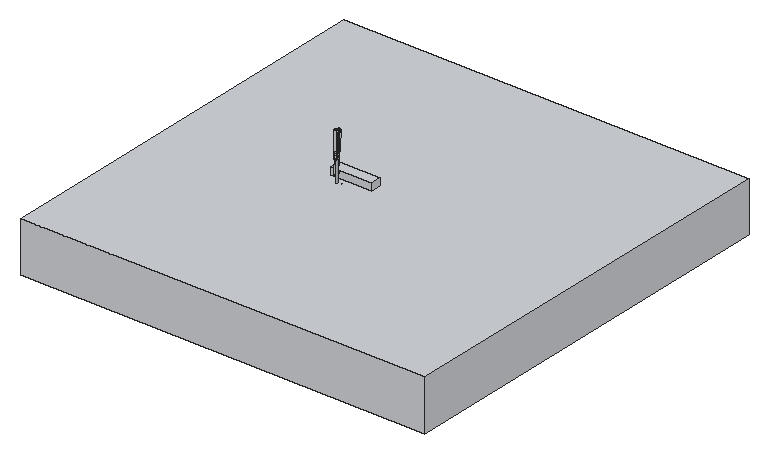
Revit family
Parameters
  Weight = "1.7 kg"  # constant formula
  URL = "http://www.productspec.net/products/2326/dorma/rack-and-pinion-door-closers-ts-83.aspx"
  Technical Specifications = "http://www.dorma.com.au/prod/content/download/31218/351346/version/1/file/TS83%20EN3-6_EN7%20Technical%20brochure%20.pdf/c09e2206016546759594fe95b1563077.pdf"
  Standard Arm Length [instance] = 237.5 mm + Frame Reveal Depth  # 237.5 mm
  Standard Arm = yes
  Parallel Arm = not(Standard Arm)  # no
  Ownership = "Dorma"  # constant formula
  Operator Width = 245 mm  # constant formula
  Operator Height [instance] = 60 mm  # constant formula
  Operator Depth [instance] = 46 mm  # constant formula
  Model = "TS 83"  # constant formula
  Max Door Width = 1250 mm  # constant formula
  Max Door Weight = "150 kg"  # constant formula
  Max Door Offset = "+/-30mm"  # constant formula
  Manufacturer = "Dorma"  # constant formula
  Hold Open [instance] = no
  Frame Reveal Depth [instance] = 0 mm
  Finish [instance] = none
  Default Elevation = 0 mm
  Created By = "Productspec Limited"  # constant formula
  Bracket Offset [instance] = Frame Reveal Depth + 31 mm  # 31 mm
  Author = "Rhys Hall"  # constant formula
Reference planes
  plane 1 "Center (Front/Back)": y = 0
  plane 2: z = 0
  plane 3 "Center (Left/Right)": x = -207.5
  plane 4: y = 5
  plane 5: x = -370
  plane 6: x = -330
  plane 7: x = -85
  plane 8: x = -294
  plane 9: y = 82.5
  plane 10: y = 12.5
  plane 11: y = -24
  plane 12: y = -4
  plane 13: z = 90
  plane 14: z = 33.5
  plane 15: z = -10.75
  plane 16 "Standard Arm": y = -8
  plane 17 "Standard Arm Bracket 01": x = -305.2
  plane 18 "Standad Arm Bracket 02": x = -247.2
  plane 19 "Standard Arm Bracket Depth": z = 5
  plane 20: z = -26.5
  plane 21: z = 26.375
  plane 22: z = 280
  plane 23: x = -276.2
  plane 24: z = 86
Forms (mm)
  Extrusion 1, solid
    sketch origin (0, 0, 0) x (1, 0, 0) y (0, 1, 0)
      loop
        line (-1219.2, 1219.2) -> (-1219.2, -1219.2) -> (1219.2, -1219.2) -> (1219.2, 1219.2) -> (-1219.2, 1219.2)
    from 0 to -304.8
  Extrusion 2, solid, material <- "Finish"
    sketch origin (-207.5, 0, -8.5) x (0, 1, 0) y (0, 0, 1)
      loop
        line (72.5, 13.5) -> (72.5, 61) -> (12.5, 61) -> (12.5, 13.5) -> (72.5, 13.5)
    from -122.5 to 122.5
  Extrusion 3, solid, material <- "Finish"
    sketch origin (0, 0, 0) x (1, 0, 0) y (0, 0, 1)
      loop
        circle (-294, 33.5) r 11
    from -5 to -77.5
  Extrusion 4, solid, material <- "Finish", visible <- "Standard Arm"
    sketch origin (-207.5, 0, -30) x (0, 1, 0) y (0, 0, 1)
      loop
        line (-8, 10.543) -> (-8, 24.293) -> (-10, 24.293) -> (-10, 10.293) -> (-22, 10.293) -> (-22, 24.293) -> (-24, 24.293) -> (-24, 10.543)
        arc (-24, 10.543) -> (-23.414, 9.129) -> (-22, 8.543) r 2
        line (-22, 8.543) -> (-10, 8.543)
        arc (-10, 8.543) -> (-8.586, 9.129) -> (-8, 10.543) r 2
    from -97.7 to -39.7
  Extrusion 5, solid, material <- "Finish", visible <- "Standard Arm"
    sketch origin (-163.255, 0, 244.847) x (-0.002088, 0, 0.999998) y (-0.999998, 0, -0.002088)
      loop
        line (-211.62, 120.2) -> (23.542, 101.911)
        arc (23.542, 101.911) -> (35.356, 112.019) -> (25.247, 123.833) r 10.994
        line (25.247, 123.833) -> (-210.527, 142.173)
        arc (-210.527, 142.173) -> (-222.06, 131.733) -> (-211.62, 120.2) r 11
    from 0 to -5
  Extrusion 6, solid, material <- "Finish", visible <- "Standard Arm"
    sketch origin (-163.178, 0, 119.309) x (-0.002088, 0, 0.999998) y (-0.999998, 0, -0.002088)
      loop
        circle (149.932, 112.686) r 9.994
    from 0 to 16
  Extrusion 7, solid, material <- "Finish", visible <- "Standard Arm"
    sketch origin (-779.191, -4572, 280) x (-1, 0, 0) y (0, -1, 0)
      loop
        line (-512.991, -4552) -> (-512.991, -4560)
        arc (-512.991, -4560) -> (-512.405, -4561.414) -> (-510.991, -4562) r 2
        line (-510.991, -4562) -> (-494.991, -4562)
        arc (-494.991, -4562) -> (-493.577, -4561.414) -> (-492.991, -4560) r 2
        line (-492.991, -4560) -> (-492.991, -4552)
        arc (-492.991, -4552) -> (-493.577, -4550.586) -> (-494.991, -4550) r 2
        line (-494.991, -4550) -> (-510.991, -4550)
        arc (-510.991, -4550) -> (-512.405, -4550.586) -> (-512.991, -4552) r 2
    from 0 to -113
  Blend 8, solid, material <- "Finish", visible <- "Standard Arm"
    base sketch origin (-779.191, -4572, 167) x (0, -1, 0) y (1, 0, 0)
      loop
        arc (-4550, 510.991) -> (-4550.586, 512.405) -> (-4552, 512.991) r 2
        line (-4552, 512.991) -> (-4560, 512.991)
        arc (-4560, 512.991) -> (-4561.414, 512.405) -> (-4562, 510.991) r 2
        line (-4562, 510.991) -> (-4562, 494.991)
        arc (-4562, 494.991) -> (-4561.414, 493.577) -> (-4560, 492.991) r 2
        line (-4560, 492.991) -> (-4552, 492.991)
        arc (-4552, 492.991) -> (-4550.586, 493.577) -> (-4550, 494.991) r 2
        line (-4550, 494.991) -> (-4550, 510.991)
    top sketch origin (-779.191, -4572, 167) x (0, -1, 0) y (1, 0, 0)
      loop
        arc (-4552, 493.989) -> (-4551.293, 494.282) -> (-4551, 494.989) r 1
        line (-4551, 494.989) -> (-4551, 510.347)
        arc (-4551, 510.347) -> (-4551.293, 511.054) -> (-4552, 511.347) r 1
        line (-4552, 511.347) -> (-4560, 511.347)
        arc (-4560, 511.347) -> (-4560.707, 511.054) -> (-4561, 510.347) r 1
        line (-4561, 510.347) -> (-4561, 494.989)
        arc (-4561, 494.989) -> (-4560.707, 494.282) -> (-4560, 493.989) r 1
        line (-4560, 493.989) -> (-4552, 493.989)
    from 0 to -19.8
  Extrusion 9, solid, material <- "Finish", visible <- "Standard Arm"
    sketch origin (-779.191, -4572, 147.2) x (1, 0, 0) y (0, -1, 0)
      loop
        line (493.989, -4552) -> (493.989, -4560)
        arc (493.989, -4560) -> (494.282, -4560.707) -> (494.989, -4561) r 1
        line (494.989, -4561) -> (510.347, -4561)
        arc (510.347, -4561) -> (511.054, -4560.707) -> (511.347, -4560) r 1
        line (511.347, -4560) -> (511.347, -4552)
        arc (511.347, -4552) -> (511.054, -4551.293) -> (510.347, -4551) r 1
        line (510.347, -4551) -> (494.989, -4551)
        arc (494.989, -4551) -> (494.282, -4551.293) -> (493.989, -4552) r 1
    from 0 to 22.5
  Extrusion 10, solid, material <- "Finish", visible <- "Standard Arm"
    sketch origin (-779.191, -4572, 124.7) x (0, 1, 0) y (1, 0, 0)
      loop
        circle (4556, 503.035) r 5
    from 0 to 144.407
  Extrusion 11, solid, material <- "Finish", visible <- "Parallel Arm"
    sketch origin (-54.571, 0, -33.102) x (0.959723, 0, 0.280949) y (-0.280949, 0, 0.959723)
      loop
        line (-211.62, 120.2) -> (23.542, 101.911)
        arc (23.542, 101.911) -> (35.356, 112.019) -> (25.247, 123.833) r 10.994
        line (25.247, 123.833) -> (-210.527, 142.173)
        arc (-210.527, 142.173) -> (-222.06, 131.733) -> (-211.62, 120.2) r 11
    from 0 to -5
  Extrusion 12, solid, material <- "Finish", visible <- "Parallel Arm"
    sketch origin (-175.105, 0, -68.194) x (0.959723, 0, 0.280949) y (-0.280949, 0, 0.959723)
      loop
        circle (149.932, 112.686) r 9.994
    from 0 to 16
  Extrusion 13, solid, material <- "Finish", visible <- "Parallel Arm"
    sketch origin (-51.92, -4572, 585.092) x (-0.000087, 0, 1) y (0, -1, 0)
      loop
        line (-512.991, -4552) -> (-512.991, -4560)
        arc (-512.991, -4560) -> (-512.405, -4561.414) -> (-510.991, -4562) r 2
        line (-510.991, -4562) -> (-494.991, -4562)
        arc (-494.991, -4562) -> (-493.577, -4561.414) -> (-492.991, -4560) r 2
        line (-492.991, -4560) -> (-492.991, -4552)
        arc (-492.991, -4552) -> (-493.577, -4550.586) -> (-494.991, -4550) r 2
        line (-494.991, -4550) -> (-510.991, -4550)
        arc (-510.991, -4550) -> (-512.405, -4550.586) -> (-512.991, -4552) r 2
    from 0 to -113
  Blend 14, solid, material <- "Finish", visible <- "Parallel Arm"
    base sketch origin (-164.92, -4572, 585.082) x (0.000087, 0, -1) y (0, -1, 0)
      loop
        line (510.991, -4550) -> (494.991, -4550)
        arc (494.991, -4550) -> (493.577, -4550.586) -> (492.991, -4552) r 2
        line (492.991, -4552) -> (492.991, -4560)
        arc (492.991, -4560) -> (493.577, -4561.414) -> (494.991, -4562) r 2
        line (494.991, -4562) -> (510.991, -4562)
        arc (510.991, -4562) -> (512.405, -4561.414) -> (512.991, -4560) r 2
        line (512.991, -4560) -> (512.991, -4552)
        arc (512.991, -4552) -> (512.405, -4550.586) -> (510.991, -4550) r 2
    top sketch origin (-164.92, -4572, 585.082) x (0.000087, 0, -1) y (0, -1, 0)
      loop
        line (493.989, -4552) -> (493.989, -4560)
        arc (493.989, -4560) -> (494.282, -4560.707) -> (494.989, -4561) r 1
        line (494.989, -4561) -> (510.347, -4561)
        arc (510.347, -4561) -> (511.054, -4560.707) -> (511.347, -4560) r 1
        line (511.347, -4560) -> (511.347, -4552)
        arc (511.347, -4552) -> (511.054, -4551.293) -> (510.347, -4551) r 1
        line (510.347, -4551) -> (494.989, -4551)
        arc (494.989, -4551) -> (494.282, -4551.293) -> (493.989, -4552) r 1
    from 0 to 19.8
  Extrusion 15, solid, material <- "Finish", visible <- "Parallel Arm"
    sketch origin (-184.72, -4572, 585.081) x (-0.000087, 0, 1) y (0, -1, 0)
      loop
        arc (-493.989, -4552) -> (-494.282, -4551.293) -> (-494.989, -4551) r 1
        line (-494.989, -4551) -> (-510.347, -4551)
        arc (-510.347, -4551) -> (-511.054, -4551.293) -> (-511.347, -4552) r 1
        line (-511.347, -4552) -> (-511.347, -4560)
        arc (-511.347, -4560) -> (-511.054, -4560.707) -> (-510.347, -4561) r 1
        line (-510.347, -4561) -> (-494.989, -4561)
        arc (-494.989, -4561) -> (-494.282, -4560.707) -> (-493.989, -4560) r 1
        line (-493.989, -4560) -> (-493.989, -4552)
    from 0 to -22.3
  Extrusion 16, solid, material <- "Finish", visible <- "Parallel Arm"
    sketch origin (-207.02, -4572, 585.079) x (0.000087, 0, -1) y (0, -1, 0)
      loop
        circle (503.035, -4556) r 5
    from 0 to 120.5
  Extrusion 17, solid, material <- "Finish", visible <- "Parallel Arm"
    sketch origin (-51.271, -32, 0) x (1, 0, 0) y (0, 1, 0)
      loop
        line (-316.2, 10) -> (-316.2, 8) -> (-236.2, 8) -> (-236.2, 10) -> (-316.2, 10)
    from 0 to 25
  Extrusion 18, solid, material <- "Finish", visible <- "Parallel Arm"
    sketch origin (0, -32, 0) x (1, 0, 0) y (0, 0, -1)
      loop
        line (-358.471, -90) -> (-296.471, -90) -> (-287.471, -25) -> (-367.471, -25) -> (-358.471, -90)
    from 8 to 10
  Extrusion 19, solid, material <- "Finish", visible <- "Parallel Arm"
    sketch origin (0, -32, 0) x (1, 0, 0) y (0, 0, -1)
      loop
        line (-296.471, -90) -> (-296.471, -87) -> (-358.471, -87) -> (-358.471, -90) -> (-296.471, -90)
    from 10 to 24
  Sweep 20, void
    path in 3D
      loop
        arc (-305, 77.5, 33.5) -> (-294, 77.5, 22.5) -> (-283, 77.5, 33.5) r 11
        arc (-283, 77.5, 33.5) -> (-294, 77.5, 44.5) -> (-305, 77.5, 33.5) r 11
    profile origin (-294, 77.5, 44.5) x (0, 0, 1) y (0, 1, 0)
      loop
        line (1, 1) -> (-6, 1) -> (0, -5) -> (1, -5) -> (1, 1)
Cuts and joins
  joined: Extrusion 7, Blend 8
  Sweep 20 cuts Extrusion 2
  Sweep 20 cuts Extrusion 3
  joined: Extrusion 2, Extrusion 3
Lines and regions (mm)
  symbolic lines
    curve 1: line (-283, 12.5, 0) -> (-283, 5, 0)
    curve 2: line (-305, 5, 0) -> (-305, 12.5, 0)
    curve 3: line (-283, 0, 0) -> (-283, -1.7, 0)
    curve 4: line (-295, -1.7, 0) -> (-295, 0, 0)
  reference lines
    curve 5: line (-276.2, -16, 280) -> (-276.2, -16, -26.5)
  sketch lines
    curve 6: arc (-283, 77.5, 33.5) -> (-294, 77.5, 44.5) -> (-305, 77.5, 33.5) r 11
    curve 7: arc (-305, 77.5, 33.5) -> (-294, 77.5, 22.5) -> (-283, 77.5, 33.5) r 11
Dimensions and locks
  plane 6 to plane 3 "Center (Left/Right)" to plane 7 = 122.5 mm locked, 122.5 mm locked
  locked: plane 5 to plane 6 at 40
  plane 6 to plane 8 = 36 mm
  plane 14 to plane 20 = 60 mm
  equal spacing: plane 19 "Standard Arm Bracket Depth", plane 15, plane 20
  locked: plane 19 "Standard Arm Bracket Depth" to plane 20 at 31.5
  plane 8 to plane 6 = 36 mm
  plane 19 "Standard Arm Bracket Depth" to level = 5 mm
  aligned and locked: plane 2 to Extrusion 1
  aligned and locked: level to Extrusion 1
  aligned and locked: plane 7 to Extrusion 2
  aligned and locked: Extrusion 2 to plane 6
  aligned and locked: Extrusion 3 to plane 4
  aligned and locked: Extrusion 4 to plane 18 "Standad Arm Bracket 02"
  aligned and locked: plane 17 "Standard Arm Bracket 01" to Extrusion 4
  aligned and locked: Blend 8 sketch curve to Extrusion 7  (x4)
  aligned and locked: Extrusion 10 to Extrusion 4
  aligned and locked: Blend 14 sketch curve to Extrusion 13  (x4)
  aligned and locked: Extrusion 2 to plane 19 "Standard Arm Bracket Depth"
  aligned and locked: cut or joined group of Extrusion 2, Extrusion 3, Sweep 20 to Sweep 20 sketch curve
Automatic sketch dimensions
  curve 2 to plane 4 = 0 mm
  curve 2 to plane 10 = 0 mm
  curve 4 to plane 1 "Center (Front/Back)" = 0 mm
  curve 3 to plane 1 "Center (Front/Back)" = 0 mm
  curve 1 to plane 4 = 0 mm
  curve 1 to plane 10 = 0 mm
  curve 2 to plane 17 "Standard Arm Bracket 01" = 0.2 mm
  curve 4 to plane 8 = 1 mm
  plane 1 "Center (Front/Back)" to curve 3 = 1.7 mm
  curve 3 to plane 23 = 6.8 mm
  curve 1 to curve 3 = 0 mm
  plane 1 "Center (Front/Back)" to curve 4 = 1.7 mm
  Extrusion 1 sketch curve to Extrusion 1 sketch curve = 2438.4 mm  (x2)
  level to Extrusion 2 sketch curve = 5 mm
  Extrusion 2 sketch curve to plane 10 = 0 mm
  Extrusion 3 sketch curve to plane 8 = 0 mm
  Extrusion 3 sketch curve to plane 14 = 0 mm
  Extrusion 4 sketch curve to plane 11 = 0 mm
  plane 15 to Extrusion 4 sketch curve = 5.043 mm  (x2)
  plane 20 to Extrusion 4 sketch curve = 5.043 mm
  Extrusion 4 sketch curve to plane 16 "Standard Arm" = 0 mm
  Extrusion 4 sketch curve to Extrusion 4 sketch curve = 2 mm  (x2)
  Extrusion 4 sketch curve to Extrusion 4 sketch curve = 0 mm
  Extrusion 4 sketch curve to plane 16 "Standard Arm" = 2 mm
  Extrusion 4 sketch curve to Extrusion 4 sketch curve = 0.25 mm
  Extrusion 5 sketch curve to plane 8 = 0 mm
  Extrusion 5 sketch curve to plane 14 = 0 mm
  Extrusion 5 sketch curve to Extrusion 5 sketch curve = 0.546 mm  (x2)
  Extrusion 5 sketch curve to Extrusion 5 sketch curve = 235.162 mm
  Extrusion 5 sketch curve to Extrusion 5 sketch curve = 0.852 mm
  Extrusion 5 sketch curve to Extrusion 5 sketch curve = 0.853 mm
  Extrusion 5 sketch curve to Extrusion 5 sketch curve = 7.354 mm
  Extrusion 5 sketch curve to Extrusion 5 sketch curve = 10.986 mm
  Extrusion 5 sketch curve to Extrusion 5 sketch curve = 10.961 mm
  curve 5 to plane 20 = 0 mm
  curve 5 to plane 23 = 0 mm
  curve 5 to plane 22 = 0 mm
  plane 23 to Extrusion 7 sketch curve = 10 mm
  Extrusion 7 sketch curve to Extrusion 7 sketch curve = 2 mm  (x3)
  plane 11 to Extrusion 7 sketch curve = 2 mm
  Extrusion 7 sketch curve to plane 23 = 8 mm  (x2)
  Extrusion 7 sketch curve to plane 16 "Standard Arm" = 4 mm
  Extrusion 7 to Blend 8 sketch curve = 1 mm  (x2)
  Blend 8 sketch curve to Blend 8 sketch curve = 1 mm  (x2)
  Extrusion 7 to Blend 8 sketch curve = 2 mm  (x2)
  Extrusion 7 to Blend 8 sketch curve = 0.998 mm
  Extrusion 7 to Blend 8 sketch curve = 2.644 mm
  Blend 8 to Extrusion 9 sketch curve = 1 mm
  Extrusion 9 sketch curve to Extrusion 9 sketch curve = 1 mm
  Extrusion 9 to Extrusion 10 sketch curve = 5 mm
  Extrusion 9 to Extrusion 10 sketch curve = 8.312 mm
  Extrusion 11 sketch curve to plane 8 = 0 mm
  Extrusion 11 sketch curve to plane 14 = 0 mm
  Extrusion 11 sketch curve to Extrusion 11 sketch curve = 0.546 mm  (x2)
  Extrusion 11 sketch curve to Extrusion 11 sketch curve = 235.162 mm
  Extrusion 11 sketch curve to Extrusion 11 sketch curve = 0.852 mm
  Extrusion 11 sketch curve to Extrusion 11 sketch curve = 0.853 mm
  Extrusion 11 sketch curve to Extrusion 11 sketch curve = 7.354 mm
  Extrusion 11 sketch curve to Extrusion 11 sketch curve = 10.986 mm
  Extrusion 11 sketch curve to Extrusion 11 sketch curve = 10.961 mm
  Extrusion 13 sketch curve to plane 16 "Standard Arm" = 4 mm  (x2)
  Extrusion 13 sketch curve to Extrusion 13 sketch curve = 2 mm  (x2)
  plane 11 to Extrusion 13 sketch curve = 2 mm
  Extrusion 13 sketch curve to Extrusion 13 sketch curve = 16 mm
  Extrusion 13 sketch curve to Extrusion 13 sketch curve = 0 mm
  Blend 14 sketch curve to Extrusion 13 = 0.998 mm
  Blend 14 sketch curve to Blend 14 sketch curve = 1 mm  (x3)
  Blend 14 sketch curve to Extrusion 13 = 1 mm
  Blend 14 sketch curve to Extrusion 13 = 2.644 mm  (x2)
  Blend 14 sketch curve to Extrusion 13 = 2 mm
  Blend 14 to Extrusion 15 sketch curve = 1 mm
  Extrusion 15 sketch curve to Extrusion 15 sketch curve = 1 mm
  Extrusion 16 sketch curve to Extrusion 15 = 8.312 mm
  Extrusion 16 sketch curve to Extrusion 15 = 5 mm
  Extrusion 17 sketch curve to plane 11 = 0 mm
  plane 5 to Extrusion 17 sketch curve = 2.529 mm
  plane 8 to Extrusion 17 sketch curve = 6.529 mm
  Extrusion 17 sketch curve to Extrusion 17 sketch curve = 2 mm
  Extrusion 18 sketch curve to plane 13 = 0 mm
  plane 5 to Extrusion 18 sketch curve = 2.529 mm
  plane 5 to Extrusion 18 sketch curve = 11.529 mm
  Extrusion 18 sketch curve to plane 8 = 2.471 mm
  plane 21 to Extrusion 18 sketch curve = 1.375 mm
  plane 8 to Extrusion 18 sketch curve = 6.529 mm
  Extrusion 19 sketch curve to plane 13 = 0 mm
  plane 5 to Extrusion 19 sketch curve = 11.529 mm
  plane 24 to Extrusion 19 sketch curve = 1 mm
  Extrusion 19 sketch curve to plane 8 = 2.471 mm
  Extrusion 2 sketch curve to plane 9 = 10 mm
  plane 14 to Extrusion 2 sketch curve = 19 mm
  profile plane to Sweep 20 sketch curve = 6 mm
  profile plane to Sweep 20 sketch curve = 1 mm
  Sweep 20 sketch curve to Sweep 20 sketch curve = 6 mm
  Sweep 20 sketch curve to Sweep 20 sketch curve = 1 mm
  radius of Extrusion 3 sketch curve = 11 mm
  radius of Extrusion 6 sketch curve to Extrusion 5 = 1 mm
  radius of Extrusion 9 sketch curve to Blend 8 = 0 mm  (x2)
  radius of Extrusion 10 sketch curve = 5 mm
  radius of Extrusion 12 sketch curve to Extrusion 11 = 1 mm
  radius of Extrusion 15 sketch curve to Blend 14 = 0 mm  (x2)
  radius of Extrusion 16 sketch curve = 5 mm
